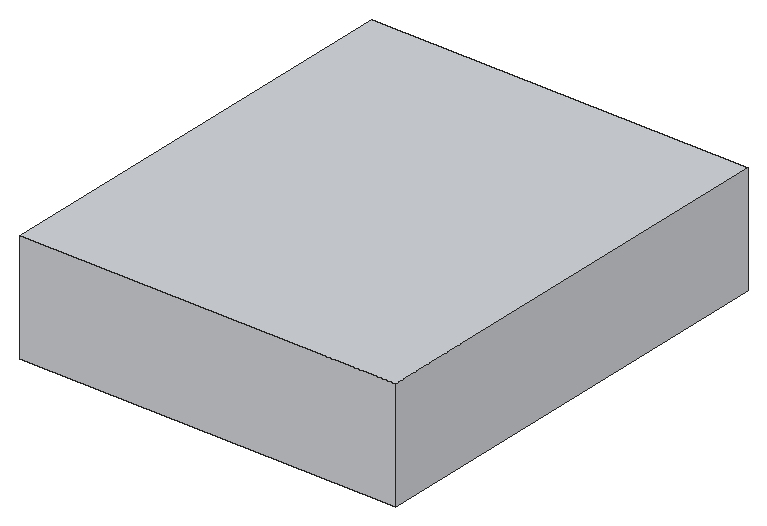
Revit family "b89073b6ac5e4431a76fc71093bd7672", category Electrical Equipment, host Face, Revit 2021
Family settings
  Host = Face
  Round Connector Dimension = Use Diameter
  Part Type = Other Panel
  OmniClass Number = 23.85.30.21.11.14
  OmniClass Title = Alarm Panels
  Seek Item ID = Fire Alarm Remote Annunciator-0000-USA-ENU
  Cut with Voids When Loaded = No
  Shared = No
  Room Calculation Point = No
Parameters (values of type "Standard")
  Width = 0' - 4 1/4"
  Panel Material = none
  Length = 0' - 3 5/8"
  Height = 0' - 1 1/16"
  Default Elevation = 4' - 0"
Reference planes (in)
  plane 1 "Center (Front/Back)": y = 0
  plane 2: z = 0
  plane 3 "Center (Left/Right)": x = 0
  plane 4: x = -1.8125
  plane 5: x = 1.8125
  plane 6: y = -4.25
  plane 7: z = 1.0625
Forms (in)
  Extrusion 1, solid, material <- "Panel Material"
    sketch origin (0, 0, 0) x (1, 0, 0) y (0, 1, 0)
      loop
        line (-1.8125, 0) -> (-1.8125, -4.25) -> (1.8125, -4.25) -> (1.8125, 0) -> (-1.8125, 0)
    from 0 to 1.0625
Dimensions and locks (in)
  "Width": plane 1 "Center (Front/Back)" to plane 6
  equal spacing: plane 4, plane 3 "Center (Left/Right)", plane 5
  "Length": plane 4 to plane 5
  "Height": plane 7 to plane 2
  aligned and locked: plane 2 to host face
  aligned and locked: level to host face
  aligned and locked: plane 4 to Extrusion 1 sketch curve
  aligned and locked: plane 1 "Center (Front/Back)" to Extrusion 1 sketch curve
  aligned and locked: plane 6 to Extrusion 1 sketch curve
  aligned and locked: Extrusion 1 sketch curve to plane 5
  aligned and locked: Extrusion 1 to plane 2
  aligned and locked: plane 7 to Extrusion 1
  aligned and locked: plane 5 to Extrusion 1
  aligned and locked: plane 2 to nested 1
  aligned and locked: plane 7 to nested 1
  aligned and locked: plane 4 to nested 1
  aligned and locked: plane 5 to nested 1
Automatic sketch dimensions
  host sketch curve to host sketch curve = 8' - 0"  (x2)
Nested families (in)
  nested 1: "Fire Alarm Remote Annunciator Annotation" at (21.5, 0, -6.96875) x (1, 0, 0) z (0, -1, 0), type "Fire Alarm Remote Annunciator Annotation", detail levels coarse+medium
    with Width 0' - 1 1/16", Length 0' - 3 5/8"
Connectors (in)
  electrical at (0, 0, 0.53125)
    settings: on Extrusion 1, index 1, voltage 0 V, apparent load 0 VA, apparent load phase1 0 VA, apparent load phase2 0 VA, apparent load phase3 0 VA, power factor 1, load classification "Other", number of poles 1, system type 11, power factor state 1, is connector primary yes, connector utility no, sub classification motor no, connector description ""
  cabletrayconduit at (0, 0, 0.53125), diameter 24
    settings: on Extrusion 1, index 2, connector width 1' - 0", connector height 1' - 0", connector angle 0.00°, system type 32, placement type 1, profile type 0, connector reference index -1, is primary connector yes, connector utility param no, connector description ""
  cabletrayconduit at (-1.8125, -2.125, 0.53125), diameter 24
    settings: on Extrusion 1, index 3, connector width 1' - 0", connector height 1' - 0", connector angle 0.00°, system type 32, placement type 1, profile type 0, connector reference index -1, is primary connector no, connector utility param no, connector description ""
  cabletrayconduit at (1.8125, -2.125, 0.53125), diameter 24
    settings: on Extrusion 1, index 4, connector width 1' - 0", connector height 1' - 0", connector angle 0.00°, system type 32, placement type 1, profile type 0, connector reference index -1, is primary connector no, connector utility param no, connector description ""
  cabletrayconduit at (0, -2.125, 0), diameter 24
    settings: on Extrusion 1, index 5, connector width 1' - 0", connector height 1' - 0", connector angle 0.00°, system type 32, placement type 1, profile type 0, connector reference index -1, is primary connector no, connector utility param no, connector description ""
  cabletrayconduit at (0, -4.25, 0.53125), diameter 24
    settings: on Extrusion 1, index 6, connector width 1' - 0", connector height 1' - 0", connector angle 0.00°, system type 32, placement type 1, profile type 0, connector reference index -1, is primary connector no, connector utility param no, connector description ""
Definition of nested family "Fire Alarm Remote Annunciator Annotation"
  Parameters
    Width [instance] = 0' - 5"
    Length [instance] = 0' - 5"
    Assembly Code = ""
  Reference planes (in)
    plane 1 "Center (Front/Back)": y = 7.5
    plane 2: z = 0
    plane 3 "Center (Left/Right)": x = -21.5
    plane 4: x = -24
    plane 5: x = -19
    plane 6: y = 10
    plane 7: y = 5
  Lines and regions (in)
    Filled region 1, type "Solid Fill - Black", in view "Ref. Level"
      outline origin (-9.61223, 8.16949, 0) x (1, 0, 0) y (0, 1, 0)
        loop
          line (-11.88777, -0.47206) -> (-12.06632, -0.47206)
          arc (-12.06632, -0.47206) -> (-12.1684, -0.5622) -> (-12.1022, -0.6812) r 0.10861
          line (-12.1022, -0.6812) -> (-12.20676, -0.84221) -> (-12.14624, -0.84221) -> (-12.04679, -0.68906) -> (-11.93483, -0.68906) -> (-11.93483, -0.84221) -> (-11.88777, -0.84221) -> (-11.88777, -0.47206)
        loop
          line (-11.93483, -0.5165) -> (-12.05638, -0.5165)
          arc (-12.05638, -0.5165) -> (-12.11733, -0.58245) -> (-12.05515, -0.64724) r 0.06549
          line (-12.05515, -0.64724) -> (-11.93483, -0.64724) -> (-11.93483, -0.5165)
        loop
          line (-11.69196, -0.47206) -> (-11.84151, -0.84221) -> (-11.78717, -0.84221) -> (-11.74404, -0.72984) -> (-11.58855, -0.72984) -> (-11.54818, -0.84221) -> (-11.49649, -0.84221) -> (-11.63837, -0.47206) -> (-11.69196, -0.47206)
        loop
          line (-11.66347, -0.51066) -> (-11.7287, -0.68987) -> (-11.60176, -0.68987) -> (-11.66347, -0.51066)
        loop
          line (-11.48884, -0.47206) -> (-11.48884, -0.5165) -> (-11.2826, -0.5165) -> (-11.2826, -0.63166) -> (-11.45968, -0.63166) -> (-11.45968, -0.66949) -> (-11.27774, -0.66949) -> (-11.27774, -0.84221) -> (-11.23086, -0.84221) -> (-11.23086, -0.47206) -> (-11.48884, -0.47206)
        loop
          line (-12.35803, -0.47206) -> (-12.41162, -0.47206) -> (-12.56117, -0.84221) -> (-12.50683, -0.84221) -> (-12.4637, -0.72984) -> (-12.30821, -0.72984) -> (-12.26784, -0.84221) -> (-12.21615, -0.84221) -> (-12.35803, -0.47206)
        loop
          line (-12.44836, -0.68987) -> (-12.32142, -0.68987) -> (-12.38313, -0.51066) -> (-12.44836, -0.68987)
    detail lines, in view "Ref. Level"
      curve 1: line (-24, 10, 0) -> (-19, 10, 0)
      curve 2: line (-24, 5, 0) -> (-24, 10, 0)
      curve 3: line (-19, 5, 0) -> (-24, 5, 0)
      curve 4: line (-19, 10, 0) -> (-19, 5, 0)
      curve 5: line (-21.10872, 7.32727, 0) -> (-21.16041, 7.32727, 0)
      curve 6: line (-21.2506, 7.69742, 0) -> (-21.30419, 7.69742, 0)
      curve 7: line (-21.30419, 7.69742, 0) -> (-21.45374, 7.32727, 0)
      curve 8: line (-21.45374, 7.32727, 0) -> (-21.3994, 7.32727, 0)
      curve 9: line (-21.2506, 7.69742, 0) -> (-21.10872, 7.32727, 0)
      curve 10: line (-21.3994, 7.32727, 0) -> (-21.35627, 7.43965, 0)
      curve 11: line (-21.35627, 7.43965, 0) -> (-21.20078, 7.43965, 0)
      curve 12: line (-21.20078, 7.43965, 0) -> (-21.16041, 7.32727, 0)
      curve 13: line (-21.34093, 7.47962, 0) -> (-21.2757, 7.65883, 0)
      curve 14: line (-21.2757, 7.65883, 0) -> (-21.21399, 7.47962, 0)
      curve 15: line (-21.21399, 7.47962, 0) -> (-21.34093, 7.47962, 0)
      curve 16: line (-21.10107, 7.69742, 0) -> (-20.84309, 7.69742, 0)
      curve 17: line (-20.84309, 7.69742, 0) -> (-20.84309, 7.32727, 0)
      curve 18: line (-20.84309, 7.32727, 0) -> (-20.88997, 7.32727, 0)
      curve 19: line (-20.88997, 7.32727, 0) -> (-20.88997, 7.5, 0)
      curve 20: line (-20.88997, 7.5, 0) -> (-21.0719, 7.5, 0)
      curve 21: line (-21.0719, 7.5, 0) -> (-21.0719, 7.53783, 0)
      curve 22: line (-21.0719, 7.53783, 0) -> (-20.89482, 7.53783, 0)
      curve 23: line (-20.89482, 7.53783, 0) -> (-20.89482, 7.65299, 0)
      curve 24: line (-20.89482, 7.65299, 0) -> (-21.10107, 7.65299, 0)
      curve 25: line (-21.10107, 7.65299, 0) -> (-21.10107, 7.69742, 0)
      curve 26: line (-21.5, 7.69742, 0) -> (-21.5, 7.32727, 0)
      curve 27: line (-21.5, 7.32727, 0) -> (-21.54705, 7.32727, 0)
      curve 28: line (-21.54705, 7.32727, 0) -> (-21.54705, 7.48043, 0)
      curve 29: line (-21.54705, 7.48043, 0) -> (-21.65901, 7.48043, 0)
      curve 30: line (-21.54705, 7.52225, 0) -> (-21.66738, 7.52225, 0)
      curve 31: line (-21.54705, 7.52225, 0) -> (-21.54705, 7.65299, 0)
      curve 32: line (-21.54705, 7.65299, 0) -> (-21.66861, 7.65299, 0)
      curve 33: arc (-21.66738, 7.52225, 0) -> (-21.72956, 7.58704, 0) -> (-21.66861, 7.65299, 0) r 0.06549
      curve 34: line (-21.5, 7.69742, 0) -> (-21.67855, 7.69742, 0)
      curve 35: arc (-21.71443, 7.48828, 0) -> (-21.77968, 7.61217, 0) -> (-21.66861, 7.69742, 0) r 0.10861
      curve 36: line (-21.75847, 7.32727, 0) -> (-21.65901, 7.48043, 0)
      curve 37: line (-21.81899, 7.32727, 0) -> (-21.71443, 7.48828, 0)
      curve 38: line (-21.75847, 7.32727, 0) -> (-21.81899, 7.32727, 0)
      curve 39: line (-21.82838, 7.32727, 0) -> (-21.88007, 7.32727, 0)
      curve 40: line (-21.97026, 7.69742, 0) -> (-22.02385, 7.69742, 0)
      curve 41: line (-22.02385, 7.69742, 0) -> (-22.1734, 7.32727, 0)
      curve 42: line (-22.1734, 7.32727, 0) -> (-22.11906, 7.32727, 0)
      curve 43: line (-21.97026, 7.69742, 0) -> (-21.82838, 7.32727, 0)
      curve 44: line (-22.11906, 7.32727, 0) -> (-22.07592, 7.43965, 0)
      curve 45: line (-22.07592, 7.43965, 0) -> (-21.92044, 7.43965, 0)
      curve 46: line (-21.92044, 7.43965, 0) -> (-21.88007, 7.32727, 0)
      curve 47: line (-22.06058, 7.47962, 0) -> (-21.99536, 7.65883, 0)
      curve 48: line (-21.99536, 7.65883, 0) -> (-21.93365, 7.47962, 0)
      curve 49: line (-21.93365, 7.47962, 0) -> (-22.06058, 7.47962, 0)
  Dimensions and locks (in)
    equal spacing: plane 4, plane 3 "Center (Left/Right)", plane 5
    "Length": plane 4 to plane 5
    equal spacing: plane 6, plane 1 "Center (Front/Back)", plane 7
    "Width": plane 6 to plane 7
    aligned and locked: plane 4 to curve 1
    aligned and locked: curve 1 to plane 6
    aligned and locked: plane 7 to curve 4
    aligned and locked: curve 4 to plane 5
    aligned and locked: Filled region 1 sketch curve to curve 34
    aligned and locked: Filled region 1 sketch curve to curve 35
    aligned and locked: Filled region 1 sketch curve to curve 32
    aligned and locked: Filled region 1 sketch curve to curve 33
    aligned and locked: Filled region 1 sketch curve to curve 30
    aligned and locked: Filled region 1 sketch curve to curve 31
    aligned and locked: Filled region 1 sketch curve to curve 26
    aligned and locked: Filled region 1 sketch curve to curve 27
    aligned and locked: Filled region 1 sketch curve to curve 28
    aligned and locked: Filled region 1 sketch curve to curve 36
    aligned and locked: Filled region 1 sketch curve to curve 37
    aligned and locked: Filled region 1 sketch curve to curve 38
    aligned and locked: Filled region 1 sketch curve to curve 7
    aligned and locked: Filled region 1 sketch curve to curve 6
    aligned and locked: Filled region 1 sketch curve to curve 9
    aligned and locked: Filled region 1 sketch curve to curve 5
    aligned and locked: Filled region 1 sketch curve to curve 14
    aligned and locked: Filled region 1 sketch curve to curve 13
    aligned and locked: Filled region 1 sketch curve to curve 12
    aligned and locked: Filled region 1 sketch curve to curve 15
    aligned and locked: Filled region 1 sketch curve to curve 11
    aligned and locked: Filled region 1 sketch curve to curve 10
    aligned and locked: Filled region 1 sketch curve to curve 8
    aligned and locked: Filled region 1 sketch curve to curve 16
    aligned and locked: Filled region 1 sketch curve to curve 25
    aligned and locked: Filled region 1 sketch curve to curve 24
    aligned and locked: Filled region 1 sketch curve to curve 23
    aligned and locked: Filled region 1 sketch curve to curve 17
    aligned and locked: Filled region 1 sketch curve to curve 18
    aligned and locked: Filled region 1 sketch curve to curve 19
    aligned and locked: Filled region 1 sketch curve to curve 20
    aligned and locked: Filled region 1 sketch curve to curve 22
    aligned and locked: Filled region 1 sketch curve to curve 21
    aligned and locked: Filled region 1 sketch curve to curve 29
    aligned and locked: Filled region 1 sketch curve to curve 40
    aligned and locked: Filled region 1 sketch curve to curve 41
    aligned and locked: Filled region 1 sketch curve to curve 47
    aligned and locked: Filled region 1 sketch curve to curve 48
    aligned and locked: Filled region 1 sketch curve to curve 43
    aligned and locked: Filled region 1 sketch curve to curve 49
    aligned and locked: Filled region 1 sketch curve to curve 45
    aligned and locked: Filled region 1 sketch curve to curve 44
    aligned and locked: Filled region 1 sketch curve to curve 42
    aligned and locked: Filled region 1 sketch curve to curve 46
    aligned and locked: Filled region 1 sketch curve to curve 39
    aligned and locked: curve 26 to plane 3 "Center (Left/Right)"
    aligned and locked: curve 20 to plane 1 "Center (Front/Back)"
  Automatic sketch dimensions
    curve 41 to plane 3 "Center (Left/Right)" = 0' - 0.6734"
    curve 41 to curve 44 = 0' - 0.05434"
    plane 1 "Center (Front/Back)" to curve 47 = 0' - 0.02038"
    curve 44 to curve 47 = 0' - 0.01534"
    curve 41 to plane 3 "Center (Left/Right)" = 0' - 0.52385"
    curve 40 to curve 48 = 0' - 0.02849"
    curve 47 to curve 40 = 0' - 0.0251"
    curve 47 to curve 49 = 0' - 0.12694"
    curve 48 to curve 45 = 0' - 0.01321"
    curve 45 to curve 46 = 0' - 0.04037"
    curve 39 to curve 39 = 0' - 0.0517"
    plane 1 "Center (Front/Back)" to curve 37 = 0' - 0.17273"
    curve 39 to curve 37 = 0' - 0.00939"
    curve 37 to curve 38 = 0' - 0.06051"
    plane 1 "Center (Front/Back)" to curve 35 = 0' - 0 3/256"
    curve 36 to curve 35 = 0' - 0.04405"
    curve 37 to curve 34 = 0' - 0.03587"
    curve 34 to curve 35 = 0' - 0.00497"
    curve 33 to curve 35 = 0' - 0"
    curve 33 to plane 1 "Center (Front/Back)" = 0' - 0.02225"
    curve 37 to curve 33 = 0' - 0.04705"
    curve 35 to curve 33 = 0' - 0.00951"
    plane 1 "Center (Front/Back)" to curve 36 = 0' - 0.01957"
    curve 30 to curve 36 = 0' - 0.00837"
    curve 33 to curve 31 = 0' - 0.12156"
    curve 29 to curve 30 = 0' - 0"
    curve 27 to curve 26 = 0' - 0.04705"
    plane 1 "Center (Front/Back)" to curve 7 = 0' - 0.17273"
    curve 26 to curve 7 = 0' - 0.04626"
    curve 7 to curve 8 = 0' - 0.05434"
    curve 8 to curve 11 = 0' - 0.04314"
    plane 1 "Center (Front/Back)" to curve 15 = 0' - 0.02038"
    curve 10 to curve 15 = 0' - 0.01534"
    curve 26 to curve 6 = 0' - 0.19581"
    curve 14 to plane 1 "Center (Front/Back)" = 0' - 0.15883"
    curve 6 to curve 14 = 0' - 0.02849"
    curve 13 to curve 6 = 0' - 0.0251"
    curve 13 to curve 15 = 0' - 0.12694"
    plane 1 "Center (Front/Back)" to curve 12 = 0' - 0.06035"
    curve 14 to curve 12 = 0' - 0.01321"
    plane 1 "Center (Front/Back)" to curve 12 = 0' - 0.17273"
    curve 11 to curve 12 = 0' - 0.04037"
    curve 5 to curve 5 = 0' - 0.0517"
    curve 6 to curve 25 = 0' - 0.14953"
    curve 22 to plane 1 "Center (Front/Back)" = 0' - 0.03783"
    curve 24 to curve 22 = 0' - 0.02916"
    curve 21 to curve 22 = 0' - 0.17708"
    curve 22 to curve 19 = 0' - 0.00486"
    curve 23 to curve 16 = 0' - 0.05173"
    curve 39 to curve 37 = 0' - 0"
    plane 1 "Center (Front/Back)" to curve 41 = 0' - 0.17273"
    curve 27 to curve 7 = 0' - 0"
    curve 19 to curve 19 = 0' - 0.17273"
    curve 46 to curve 48 = 0' - 0.03997"
    curve 30 to curve 33 = 0' - 0.06541"
    curve 33 to curve 35 = 0' - 0.00127"
    curve 22 to curve 23 = 0' - 0.11516"
    curve 47 to plane 1 "Center (Front/Back)" = 0' - 0.15883"
    curve 47 to curve 40 = 0' - 0.03859"
    curve 24 to curve 25 = 0' - 0.04443"
    curve 13 to curve 9 = 0' - 0.03859"
    Filled region 1 sketch curve to plane 1 "Center (Front/Back)" = 0' - 0.15883"
    Filled region 1 sketch curve to Filled region 1 sketch curve = 0' - 0.01534"
